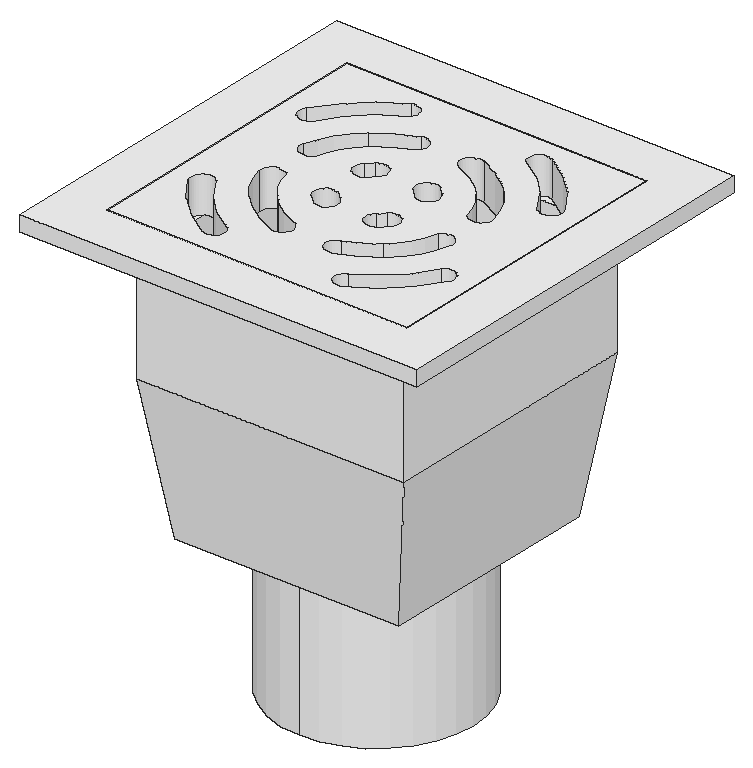
Revit family "FS520-30", category Plumbing Fixtures, host Face, Revit 2018
Family settings
  Host = Face
  Round Connector Dimension = Use Radius
  Part Type = Normal
  Cut with Voids When Loaded = No
  Shared = No
  Room Calculation Point = No
Parameters (values of type "FS524-30_4" Socket")
  WFU = 0
  URL = "WWW.MIFAB.COM"
  Pipe Radius = Pipe Diameter / 2  # 0' - 2"
  Pipe Diameter = 0' - 4"
  Model = "FS520-30"
  Manufacturer = "MIFAB"
  Floor Drain Material = Paint - Sherwin Williams Paint - #952C2A - Bellwood Red
  Description = "8” SQUARE X 6” DEEP PVC FLOOR SINK"
  Default Elevation = 0' - 0"
  CWFU = 0
  Body Height = 0' - 9 1/8"
  Assembly Code = ""
Types (4): name | Pipe Radius | Pipe Diameter
  (no name) | 0' - 2" | 0' - 4"
  FS522-30_2" Socket | 0' - 1" | 0' - 2"
  FS523-30_3" Socket | 0' - 1 1/2" | 0' - 3"
  FS524-30_4" Socket | 0' - 2" | 0' - 4"
Reference planes (in)
  plane 1 "Center (Front/Back)": y = 0
  plane 2: z = 0
  plane 3 "Center (Left/Right)": x = 0
  plane 4: z = -3
  plane 5: z = -2.375
  plane 6: y = -2
  plane 7: y = 2
  plane 8: z = -6
  plane 9: z = -9.125
  plane 10: x = -4.1
  plane 11: x = 4.1
  plane 12: y = 4.1
  plane 13: y = -4.1
  plane 14: x = -3.1
  plane 15: x = 3.1
  plane 16: y = 3.1
  plane 17: y = -3.1
  plane 18: z = -0.31496
  plane 19: x = -2.6
  plane 20: x = 2.6
  plane 21: y = 2.6
  plane 22: y = -2.6
  plane 23: x = -3.90197
  plane 24: x = 3.90197
Forms (in)
  Revolve 1, solid, material "Paint - Sherwin Williams Paint - #952C2A - Bellwood Red" <- "Floor Drain Material"
    sketch origin (0, 0.04396, -2.375) x (0, 1, 0) y (0, 0, 1)
      loop
        line (-2.04396, -3.625) -> (-2.04396, -6.75) -> (-1.84474, -6.75) -> (-1.84474, -3.625) -> (-2.04396, -3.625)
      axis (-0.04396, -6.75) -> (-0.04396, -3.625)
    angle from 0 to 360
  Sweep 2, solid, material "Paint - Sherwin Williams Paint - #952C2A - Bellwood Red" <- "Floor Drain Material"
    path origin (0, 0, 0) x (1, 0, 0) y (0, 1, 0)
      loop
        line (3.1, 3.1) -> (-3.1, 3.1) -> (-3.1, -3.1) -> (3.1, -3.1) -> (3.1, 3.1)
    profile origin (3.1, 0, 0) x (1, 0, 0) y (0, 0, 1)
      loop
        line (0, -0.75) -> (-0.5, -0.75) -> (-0.5, -0.90234) -> (0.15234, -0.90234) -> (0.15234, -0.31496) -> (0, -0.31496) -> (0, -0.75)
  Extrusion 3, solid, material "Paint - Sherwin Williams Paint - #952C2A - Bellwood Red" <- "Floor Drain Material"
    sketch origin (0, 0, 0) x (1, 0, 0) y (0, 1, 0)
      loop
        line (-4.1, 4.1) -> (-4.1, -4.1) -> (4.1, -4.1) -> (4.1, 4.1) -> (-4.1, 4.1)
      loop
        line (-3.1, 3.1) -> (-3.1, -3.1) -> (3.1, -3.1) -> (3.1, 3.1) -> (-3.1, 3.1)
    from -0.31496 to 0
  Sweep 4, solid, material "Paint - Sherwin Williams Paint - #952C2A - Bellwood Red" <- "Floor Drain Material"
    path origin (0, 0, 0) x (1, 0, 0) y (0, 1, 0)
      loop
        line (3.1, 3.1) -> (-3.1, 3.1) -> (-3.1, -3.1) -> (3.1, -3.1) -> (3.1, 3.1)
    profile origin (3.1, 0, 0) x (1, 0, 0) y (0, 0, 1)
      loop
        line (-0.5, -0.90234) -> (-0.5, -3.14138) -> (-0.88257, -5.78579)
        arc (-0.88257, -5.78579) -> (-0.96636, -5.93901) -> (-1.12999, -6) r 0.25
        line (-1.12999, -6) -> (-1.63478, -6) -> (-1.63478, -6.15234) -> (-0.78167, -6.15234) -> (-0.34766, -3.15234) -> (-0.34766, -0.90234) -> (-0.5, -0.90234)
  Extrusion 5, solid, material "Paint - Sherwin Williams Paint - #952C2A - Bellwood Red" <- "Floor Drain Material"
    sketch origin (0, 0, 0) x (1, 0, 0) y (0, 1, 0)
      loop
        line (-1.46522, 1.46522) -> (-1.46522, -1.46522) -> (1.46522, -1.46522) -> (1.46522, 1.46522) -> (-1.46522, 1.46522)
    from -6.15234 to -6
  Extrusion 6, solid, material "Paint - Sherwin Williams Paint - #952C2A - Bellwood Red" <- "Floor Drain Material"
    sketch origin (0, -0.54397, -2.1875) x (-1, 0, 0) y (0, 0, -1)
      loop
        line (2.75234, -1.28516) -> (2.83047, -1.28516) -> (2.83047, 2.96484) -> (2.463, 2.96484) -> (2.75234, 0.96484) -> (2.75234, -1.28516)
    from -1.37241 to 0.28448
Cuts and joins
  joined: Sweep 2, Extrusion 3, Sweep 4, Extrusion 5
Lines and regions (in)
  model lines, not visible
    curve 1: line (6.7156, 0, 9.07611) -> (12.5156, 0, 9.07611)
    curve 2: line (12.5156, 0, 9.07611) -> (12.5156, 0, 10.82611)
    curve 3: line (12.5156, 0, 10.82611) -> (6.7156, 0, 10.82611)
    curve 4: line (6.7156, 0, 10.82611) -> (6.7156, 0, 9.07611)
    curve 5: line (7.13163, 0, 10.86539) -> (7.13163, 0, 12.86539)
    curve 6: line (7.13163, 0, 12.86539) -> (15.53163, 0, 12.86539)
    curve 7: line (15.53163, 0, 12.86539) -> (15.53163, 0, 10.86539)
    curve 8: line (11.33163, 0, 12.86539) -> (11.33163, 0, 12.36539)
    curve 9: line (10.38306, 10.17879, 0) -> (10.38306, 12.67879, 0)
    curve 10: line (10.38306, 12.67879, 0) -> (20.88306, 12.67879, 0)
    curve 11: line (20.88306, 12.67879, 0) -> (20.88306, 10.17879, 0)
    curve 12: line (15.63306, 12.67879, 0) -> (15.63306, 10.92879, 0)
    curve 13: line (-15.6683, 14.92937, 0) -> (-15.6683, 16.17937, 0)
    curve 14: line (-15.6683, 16.17937, 0) -> (-7.4683, 16.17937, 0)
    curve 15: line (-7.4683, 16.17937, 0) -> (-7.4683, 14.92937, 0)
    curve 16: line (-11.5683, 16.17937, 0) -> (-11.5683, 15.17937, 0)
Dimensions and locks (in)
  equal spacing: plane 7, plane 1 "Center (Front/Back)", plane 6
  "Pipe Diameter": plane 7 to plane 6
  "Pipe Radius": plane 1 "Center (Front/Back)" to plane 6
  plane 2 to plane 9 = 0' - 9 1/8"
  locked: level to plane 8 at 6
  equal spacing: plane 10, plane 3 "Center (Left/Right)", plane 11
  locked: plane 10 to plane 11 at 8.2
  equal spacing: plane 12, plane 1 "Center (Front/Back)", plane 13
  locked: plane 12 to plane 13 at 8.2
  equal spacing: plane 14, plane 3 "Center (Left/Right)", plane 15
  locked: plane 14 to plane 15 at 6.2
  equal spacing: plane 17, plane 1 "Center (Front/Back)", plane 16
  locked: plane 17 to plane 16 at 6.2
  locked: plane 2 to plane 18 at 0.31496
  "Body Height": plane 2 to plane 9
  equal spacing: plane 22, plane 1 "Center (Front/Back)", plane 21
  locked: plane 22 to plane 21 at 5.2
  equal spacing: plane 19, plane 3 "Center (Left/Right)", plane 20
  locked: plane 19 to plane 20 at 5.2
  host face to plane 8 = 0' - 6"
  equal spacing: plane 24, plane 3 "Center (Left/Right)", plane 23
  plane 24 to plane 23 = 0' - 7.80395"
  cut or joined group of Sweep 2, Extrusion 3, Sweep 4, Extrusion 5 to cut or joined group of Sweep 2, Extrusion 3, Sweep 4, Extrusion 5 = 0' - 0 3/4"
  plane 15 to plane 14 = 0' - 6.2"
  plane 8 to plane 9 = 0' - 3 1/8"
  plane 15 to Sweep 4 sketch curve to Sweep 4 sketch curve = 0' - 0 89/256" locked, 0' - 0 39/256" locked
  aligned and locked: plane 2 to host face
  aligned and locked: level to host face
  aligned and locked: Revolve 1 sketch curve to plane 9
  aligned and locked: Revolve 1 sketch curve to plane 8
  aligned and locked: plane 12 to Extrusion 3 sketch curve
  aligned and locked: plane 10 to Extrusion 3 sketch curve
  aligned and locked: plane 13 to Extrusion 3 sketch curve
  aligned and locked: plane 11 to Extrusion 3 sketch curve
  aligned and locked: Extrusion 3 sketch curve to plane 16
  aligned and locked: plane 14 to Extrusion 3 sketch curve
  aligned and locked: Extrusion 3 sketch curve to plane 17
  aligned and locked: plane 15 to Extrusion 3 sketch curve
  aligned and locked: Extrusion 3 to plane 18
  aligned and locked: level to Extrusion 3
  aligned and locked: plane 15 to Sweep 2 sketch curve
  aligned and locked: Sweep 2 sketch curve to plane 16
  aligned and locked: Sweep 2 sketch curve to plane 14
  aligned and locked: plane 17 to Sweep 2 sketch curve
  aligned and locked: Extrusion 3 to Sweep 2 sketch curve
  aligned and locked: Sweep 2 sketch curve to plane 20
  aligned and locked: plane 15 to Sweep 4 sketch curve
  aligned and locked: Sweep 4 sketch curve to plane 16
  aligned and locked: Sweep 4 sketch curve to plane 14
  aligned and locked: plane 17 to Sweep 4 sketch curve
  aligned and locked: Extrusion 5 sketch curve to Sweep 4  (x4)
  aligned and locked: Extrusion 5 to Revolve 1
  aligned and locked: Sweep 2 sketch curve to plane 15
  aligned and locked: plane 3 "Center (Left/Right)" to nested 1
  aligned and locked: plane 1 "Center (Front/Back)" to nested 1
Automatic sketch dimensions
  curve 5 to curve 7 = 0' - 8.4"
  curve 5 to curve 8 = 0' - 4.2"
  curve 5 to curve 5 = 0' - 2"
  curve 7 to curve 6 = 0' - 2"
  curve 8 to curve 8 = 0' - 0 1/2"
  host sketch curve to host sketch curve = 8' - 0"  (x2)
  Revolve 1 sketch curve to plane 6 = 0' - 0"
  Revolve 1 sketch curve to plane 1 "Center (Front/Back)" = 0' - 0"
  Revolve 1 sketch curve to plane 6 = 0' - 0 51/256"
  plane 9 to Revolve 1 sketch curve = 0' - 0 1/8"
  Revolve 1 sketch curve to Revolve 1 sketch curve = 0' - 0 5/8"
  Sweep 2 sketch curve to profile plane = 0' - 0 39/256"
  Sweep 2 sketch curve to Sweep 2 sketch curve = 0' - 0.43504"
  Sweep 2 sketch curve to Sweep 2 sketch curve = 0' - 0 39/256"
  profile plane to Sweep 4 sketch curve = 0' - 0.78167"
  Sweep 4 sketch curve to Sweep 4 sketch curve = 0' - 0.1009"
  Sweep 4 sketch curve to Sweep 4 sketch curve = 0' - 0.24742"
  Sweep 4 sketch curve to Sweep 4 sketch curve = 0' - 0.50479"
  Sweep 4 sketch curve to level = 0' - 6 39/256"
  Sweep 4 sketch curve to Sweep 4 sketch curve = 0' - 0 39/256"
  Sweep 4 sketch curve to Sweep 4 sketch curve = 0' - 0.21421"
  Sweep 4 sketch curve to Sweep 4 sketch curve = 0' - 2.63345"
  Sweep 4 sketch curve to Sweep 4 sketch curve = 0' - 0.01096"
  Sweep 4 sketch curve to level = 0' - 0 231/256"
  Extrusion 6 sketch curve to plane 19 = 0' - 0.137"
  plane 19 to Extrusion 6 sketch curve = 0' - 0 39/256"
  plane 19 to Extrusion 6 sketch curve = 0' - 0 59/256"
  Extrusion 6 sketch curve to plane 8 = 0' - 0 217/256"
  Extrusion 6 sketch curve to Extrusion 6 sketch curve = 0' - 2"
  plane 18 to Extrusion 6 sketch curve = 0' - 0.58738"
Nested families (in)
  nested 1: "Jali-1" at (0, 0, 0), type "Jali-1"
Connectors (in)
  piping at (0, 0, -9.125), diameter 4, driven by "Pipe Radius", driven by "WFU"
    settings: on Revolve 1, index 2, connector inside diameter 2", connector length 0' - 0", flow factor 0, pipe flow 0 GPM, pressure drop 0.00 psi, fitting loss kfactor 0, connector angle 0.00°, fixture units 0, engagement length 0' - 0", angle of deflection 0.00°, flow configuration 3, flow direction 2, fitting loss method 0, system type 16, joint type 0, gender type 0, connector reference index -1, connector utility 0, adjustable connector no, is connector primary yes, connector description "Sanitary Out"
Definition of nested family "Jali-1"
  Parameters (values of type "Jali-1")
    Material = none
  Reference planes (in)
    plane 1 "Center (Front/Back)": y = 0
    plane 2: z = 0
    plane 3 "Center (Left/Right)": x = 0
  Forms (in)
    Extrusion 1, solid, material <- "Material"
      sketch origin (0, 0, 0) x (1, 0, 0) y (0, 1, 0)
        loop
          line (-3.1, 3.1) -> (-3.1, -3.1) -> (3.1, -3.1) -> (3.1, 3.1) -> (-3.1, 3.1)
      from -0.75 to 0
    Extrusion 2, void
      sketch origin (0, 0, 0) x (1, 0, 0) y (0, 1, 0)
        loop
          arc (-0.35839, 0.48228) -> (-0.35839, 0.80776) -> (-0.68388, 0.80776) r 0.23016
          line (-0.68388, 0.80776) -> (-0.8126, 0.67905)
          arc (-0.8126, 0.67905) -> (-0.8126, 0.35356) -> (-0.48711, 0.35356) r 0.23016
          line (-0.48711, 0.35356) -> (-0.35839, 0.48228)
        loop
          arc (-1.55939, 0.37785) -> (-1.38804, 0.81735) -> (-1.08043, 1.17498) r 1.39982
          arc (-1.08043, 1.17498) -> (-0.79299, 1.37713) -> (-0.47756, 1.53204) r 2.24877
          arc (-0.47756, 1.53204) -> (-0.35092, 1.82515) -> (-0.64386, 1.95219) r 0.22594
          arc (-0.64386, 1.95219) -> (-1.0349, 1.76196) -> (-1.39199, 1.51378) r 2.81596
          arc (-1.39199, 1.51378) -> (-1.76485, 1.09065) -> (-1.9817, 0.57005) r 1.72902
          arc (-1.9817, 0.57005) -> (-1.84942, 0.30064) -> (-1.55939, 0.37785) r 0.23653
        loop
          arc (-1.24994, 2.31836) -> (-1.16125, 2.6112) -> (-1.45407, 2.69993) r 0.21637
          arc (-1.45407, 2.69993) -> (-2.15231, 2.19421) -> (-2.68935, 1.51976) r 3.18532
          arc (-2.68935, 1.51976) -> (-2.62685, 1.21569) -> (-2.31833, 1.25) r 0.23033
          arc (-2.31833, 1.25) -> (-1.86324, 1.86328) -> (-1.24994, 2.31836) r 2.60682
        loop
          line (0.35839, 0.48228) -> (0.48711, 0.35356)
          arc (0.48711, 0.35356) -> (0.8126, 0.35356) -> (0.8126, 0.67905) r 0.23016
          line (0.8126, 0.67905) -> (0.68388, 0.80776)
          arc (0.68388, 0.80776) -> (0.35839, 0.80776) -> (0.35839, 0.48228) r 0.23016
        loop
          arc (1.55939, 0.37785) -> (1.84942, 0.30064) -> (1.9817, 0.57005) r 0.23653
          arc (1.9817, 0.57005) -> (1.76485, 1.09065) -> (1.39199, 1.51378) r 1.72902
          arc (1.39199, 1.51378) -> (1.0349, 1.76196) -> (0.64386, 1.95219) r 2.81596
          arc (0.64386, 1.95219) -> (0.35092, 1.82515) -> (0.47756, 1.53204) r 0.22594
          arc (0.47756, 1.53204) -> (0.79299, 1.37713) -> (1.08043, 1.17498) r 2.24877
          arc (1.08043, 1.17498) -> (1.38804, 0.81735) -> (1.55939, 0.37785) r 1.39982
        loop
          arc (1.24994, 2.31836) -> (1.86324, 1.86328) -> (2.31833, 1.25) r 2.60682
          arc (2.31833, 1.25) -> (2.62685, 1.21569) -> (2.68935, 1.51976) r 0.23033
          arc (2.68935, 1.51976) -> (2.15231, 2.19421) -> (1.45407, 2.69993) r 3.18532
          arc (1.45407, 2.69993) -> (1.16125, 2.6112) -> (1.24994, 2.31836) r 0.21637
        loop
          line (-0.35839, -0.48228) -> (-0.48711, -0.35356)
          arc (-0.48711, -0.35356) -> (-0.8126, -0.35356) -> (-0.8126, -0.67905) r 0.23016
          line (-0.8126, -0.67905) -> (-0.68388, -0.80776)
          arc (-0.68388, -0.80776) -> (-0.35839, -0.80776) -> (-0.35839, -0.48228) r 0.23016
        loop
          arc (-1.55939, -0.37785) -> (-1.84942, -0.30064) -> (-1.9817, -0.57005) r 0.23653
          arc (-1.9817, -0.57005) -> (-1.76485, -1.09065) -> (-1.39199, -1.51378) r 1.72902
          arc (-1.39199, -1.51378) -> (-1.0349, -1.76196) -> (-0.64386, -1.95219) r 2.81596
          arc (-0.64386, -1.95219) -> (-0.35092, -1.82515) -> (-0.47756, -1.53204) r 0.22594
          arc (-0.47756, -1.53204) -> (-0.79299, -1.37713) -> (-1.08043, -1.17498) r 2.24877
          arc (-1.08043, -1.17498) -> (-1.38804, -0.81735) -> (-1.55939, -0.37785) r 1.39982
        loop
          arc (-1.24994, -2.31836) -> (-1.86324, -1.86328) -> (-2.31833, -1.25) r 2.60682
          arc (-2.31833, -1.25) -> (-2.62685, -1.21569) -> (-2.68935, -1.51976) r 0.23033
          arc (-2.68935, -1.51976) -> (-2.15231, -2.19421) -> (-1.45407, -2.69993) r 3.18532
          arc (-1.45407, -2.69993) -> (-1.16125, -2.6112) -> (-1.24994, -2.31836) r 0.21637
        loop
          arc (0.35839, -0.48228) -> (0.35839, -0.80776) -> (0.68388, -0.80776) r 0.23016
          line (0.68388, -0.80776) -> (0.8126, -0.67905)
          arc (0.8126, -0.67905) -> (0.8126, -0.35356) -> (0.48711, -0.35356) r 0.23016
          line (0.48711, -0.35356) -> (0.35839, -0.48228)
        loop
          arc (1.55939, -0.37785) -> (1.38804, -0.81735) -> (1.08043, -1.17498) r 1.39982
          arc (1.08043, -1.17498) -> (0.79299, -1.37713) -> (0.47756, -1.53204) r 2.24877
          arc (0.47756, -1.53204) -> (0.35092, -1.82515) -> (0.64386, -1.95219) r 0.22594
          arc (0.64386, -1.95219) -> (1.0349, -1.76196) -> (1.39199, -1.51378) r 2.81596
          arc (1.39199, -1.51378) -> (1.76485, -1.09065) -> (1.9817, -0.57005) r 1.72902
          arc (1.9817, -0.57005) -> (1.84942, -0.30064) -> (1.55939, -0.37785) r 0.23653
        loop
          arc (1.24994, -2.31836) -> (1.16125, -2.6112) -> (1.45407, -2.69993) r 0.21637
          arc (1.45407, -2.69993) -> (2.15231, -2.19421) -> (2.68935, -1.51976) r 3.18532
          arc (2.68935, -1.51976) -> (2.62685, -1.21569) -> (2.31833, -1.25) r 0.23033
          arc (2.31833, -1.25) -> (1.86324, -1.86328) -> (1.24994, -2.31836) r 2.60682
      from -0.75 to 0
  Cuts and joins
    Extrusion 2 cuts Extrusion 1
  Dimensions and locks (in)
    aligned and locked: level to plane 2
